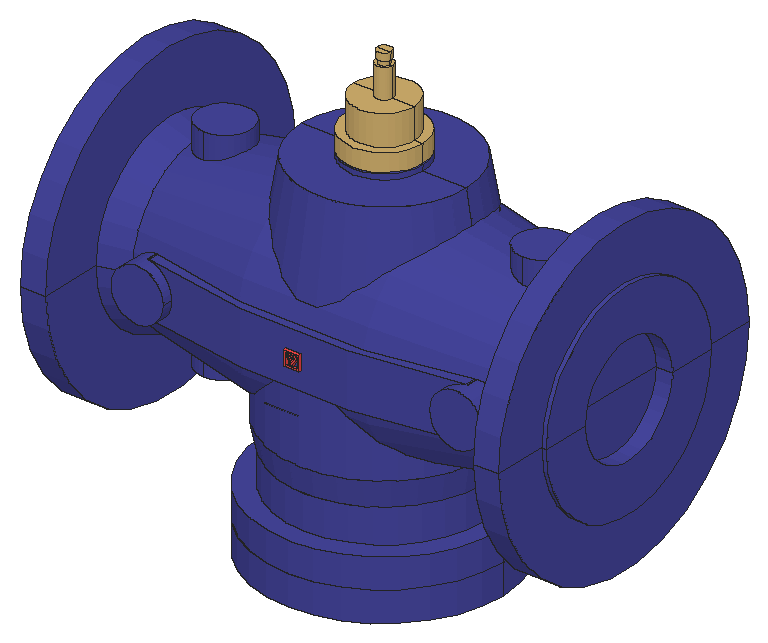
Revit family "Regelventil 4035_PN25", category Rohrzubehör, Revit 2021
Family settings
  Bemaßung runder Anschluss = Durchmesser verwenden
  Teiletyp = Unterbricht
  OmniClass-Nummer = 23.65.55.14
  OmniClass-Titel = Valves for Liquid Services
  Arbeitsebenenbasiert = Nein
  Immer vertikal = Ja
  Beim Laden mit Abzugskörper schneiden = Nein
  Gemeinsam genutzt = Nein
Parameters (values of type "kvs63")
  kvs63 = yes
  kvs6.3 = no
  kvs40 = no
  kvs4 = no
  kvs330 = no
  kvs250 = no
  kvs25 = no
  kvs2.5 = no
  kvs160 = no
  kvs16 = no
  kvs100 = no
  kvs10 = no
  kvs1.6 = no
  kvs1 = no
  Vorgabe-Ansicht = 0 mm
  Ventilsitz = "WN1.4021"  # constant formula
  Ventilkegel (bis DN50) = "WN1.4021"  # constant formula
  Ventilkegel (ab DN65) = "EN-GJL-250/WN1.4021"  # constant formula
  Ventilcharakteristik = "gleichprozentig"  # constant formula
  URL = "www.herz-armaturen.at"
  Spindel = "WN1.4404"  # constant formula
  SCTWSEQ = "FW;SBT_TYP_FW=\"101\";2"
  SCTWCODE = "04;05;02"  # constant formula
  SCRNSEQ = "ARM;ARM_TYP=\"DURR\";2"
  SCRNCODE = "05;06;02"  # constant formula
  R14 = 4 mm  # constant formula
  R13 = 3 mm  # constant formula
  R12 = 5 mm  # constant formula
  R11 [instance] = size_lookup("4035_PN25", "R11", 18 mm, Nennweite)  # 18 mm
  R10 [instance] = size_lookup("4035_PN25", "R10", 23 mm, Nennweite)  # 23 mm
  R09 [instance] = size_lookup("4035_PN25", "R9", 49 mm, Nennweite)  # 49 mm
  R08 [instance] = R00 + 3 mm  # 68 mm
  R07 [instance] = size_lookup("4035_PN25", "R7", 15.5 mm, Nennweite)  # 15.5 mm
  R06 [instance] = size_lookup("4035_PN25", "R6", 15.5 mm, Nennweite)  # 15.5 mm
  R05 [instance] = size_lookup("4035_PN25", "R5", 62.5 mm, Nennweite)  # 62.5 mm
  R04 [instance] = size_lookup("4035_PN25", "R4", 59.5 mm, Nennweite)  # 59.5 mm
  R03 [instance] = size_lookup("4035_PN25", "R3", 43 mm, Nennweite)  # 71 mm
  R02 [instance] = size_lookup("4035_PN25", "R2", 43 mm, Nennweite)  # 43 mm
  R01 [instance] = size_lookup("4035_PN25", "R1", 55.5 mm, Nennweite)  # 55.5 mm
  R00 [instance] = size_lookup("4035_PN25", "R", 65 mm, Nennweite)  # 65 mm
  PN = 25  # constant formula
  Nennweite [instance] = 65 mm
  Min. Betriebstemperatur = 5 °C  # constant formula
  Medium = "Wasserbeschaffenheit gemäß ÖNORM H 5195 und VDI 2035."
  Max. Betriebstemperatur = 150 °C  # constant formula
  Max. Betriebsdruck = 2500000.0 Pa  # constant formula
  LO1 [instance] = size_lookup("4035_PN25", "LO1", 28.5 mm, Nennweite)  # 68 mm
  L07 [instance] = L06 - R06  # 94.5 mm
  L06 [instance] = size_lookup("4035_PN25", "L6", 110 mm, Nennweite)  # 110 mm
  L05 [instance] = D00  # 92.5 mm
  L03 = 10 mm  # constant formula
  L02 [instance] = size_lookup("4035_PN25", "L2", 15 mm, Nennweite)  # 15 mm
  L01 = 3 mm  # constant formula
  L00 [instance] = size_lookup("4035_PN25", "L", 145 mm, Nennweite)  # 145 mm
  Hersteller = "Herz-Armaturen GmbH"  # constant formula
  H18 [instance] = 17.5 mm  # constant formula
  H15 = 4 mm  # constant formula
  H14 [instance] = size_lookup("4035_PN25", "H14", 17 mm, Nennweite)  # 17 mm
  H13 [instance] = size_lookup("4035_PN25", "H13", 18 mm, Nennweite)  # 18 mm
  H12 [instance] = size_lookup("4035_PN25", "H12", 10.5 mm, Nennweite)  # 10.5 mm
  H11 [instance] = size_lookup("4035_PN25", "H11", 52.5 mm, Nennweite)  # 52.5 mm
  H10 [instance] = size_lookup("4035_PN25", "H10", 135.4 mm, Nennweite)  # 135.4 mm
  H09 = 3 mm  # constant formula
  H08 [instance] = size_lookup("4035_PN25", "H8", 79 mm, Nennweite)  # 79 mm
  H07 [instance] = R00  # 65 mm
  H06 [instance] = size_lookup("4035_PN25", "H6", 59 mm, Nennweite)  # 59 mm
  H05 [instance] = size_lookup("4035_PN25", "H5", 20 mm, Nennweite)  # 20 mm
  H04 [instance] = size_lookup("4035_PN25", "H4", 17 mm, Nennweite)  # 17 mm
  H02 [instance] = size_lookup("4035_PN25", "H2", 38 mm, Nennweite)  # 38 mm
  H03 [instance] = size_lookup("4035_PN25", "H3", 112 mm, Nennweite)  # 112 mm
  H01 [instance] = size_lookup("4035_PN25", "H1", 14 mm, Nennweite)  # 18 mm
  Gewicht [instance] = size_lookup("4035_PN25", "Gewicht", 25, Nennweite)  # 25
  Gehäuse = "EN-GJS-400-18-LT (EN 1563)"  # constant formula
  Dichtungsmaterial = "70EPDM"  # constant formula
  DN80 [instance] = Nennweite = 80 mm  # no
  DN65 [instance] = Nennweite = 65 mm  # yes
  DN50 [instance] = Nennweite = 50 mm  # no
  DN40 [instance] = Nennweite = 40 mm  # no
  DN32 [instance] = Nennweite = 32 mm  # no
  DN25 [instance] = Nennweite = 25 mm  # no
  DN150 [instance] = Nennweite = 150 mm  # no
  DN15 [instance] = Nennweite = 15 mm  # no
  DN125 [instance] = Nennweite = 125 mm  # no
  DN100 [instance] = Nennweite = 100 mm  # no
  D02 [instance] = Nennweite / 2  # 32.5 mm
  D01 [instance] = size_lookup("4035_PN25", "D1", 61 mm, Nennweite)  # 61 mm
  D00 [instance] = size_lookup("4035_PN25", "D", 92.5 mm, Nennweite)  # 92.5 mm
  Bestellnummer [instance] = if(and(kvs1, Nennweite = 15 mm), 403540, if(and(kvs1.6, Nennweite = 15 mm), 403551, if(and(kvs2.5, Nennweite = 15 mm), 403561, if(and(kvs4, Nennweite = 15 mm), 403571, if(and(kvs6.3, Nennweite = 25 mm), 403543, if(and(kvs10, Nennweite = 25 mm), 403553, if(and(kvs16, Nennweite = 32 mm), 403544, if(and(kvs25, Nennweite = 40 mm), 403545, if(and(kvs40, Nennweite = 50 mm), 403556, if(and(kvs63, Nennweite = 65 mm), 403547, if(and(kvs100, Nennweite = 80 mm), 403548, if(and(kvs160, Nennweite = 100 mm), 403549, if(and(kvs250, Nennweite = 125 mm), 403550, if(and(kvs330, Nennweite = 150 mm), 403542, 0))))))))))))))  # 403547
  Anwendungsgebiet = "Das Ventil kann in nahezu allen Heizungs-, Lüftungs- und Klimaanlagen sowie für industrielle und technologische\r\nProzesse eingesetzt werden. Das 3-Wege-Flanschventil ist als Mischventil konzipiert. Es kann zum Mischen oder\r\nzur Umschaltung zwischen zwei eintretenden Mediumsströmen verwendet werden. Die Ventilcharakteristik ist\r\ngleichprozentig. Das Regelungsverhältnis (Verhältnis zwischen nominalem und minimalem Durchfluss) beträgt 30:1. Die\r\nAuswahl des Dreiwege-Flanschventils erfolgt entsprechend dem Diagramm über die kvs-Werte."
  Anschlussflansch = "EN 1092-2"  # constant formula
Types (15, lengths in mm): name | kvs63 | kvs6.3 | kvs40 | kvs4 | kvs330 | kvs250 | kvs25 | kvs2.5 | kvs160 | kvs16 | kvs100 | kvs10 | kvs1.6 | kvs1 | R11 | R10 | R09 | R08 | R07 | R06 | R05 | R04 | R03 | R02 | R01 | R00 | Nennweite | LO1 | L07 | L06 | L05 | L02 | L00 | H14 | H13 | H12 | H11 | H10 | H08 | H07 | H06 | H05 | H04 | H02 | H03 | H01 | Gewicht | DN80 | DN65 | DN50 | DN40 | DN32 | DN25 | DN150 | DN15 | DN125 | DN100 | D02 | D01 | D00 | Bestellnummer | Anwendungsgebiet
  (no name) | yes | no | no | no | no | no | no | no | no | no | no | no | no | no | 18 | 23 | 49 | 68 | 15.5 | 15.5 | 62.5 | 59.5 | 71 | 43 | 55.5 | 65 | 65 | 68 | 94.5 | 110 | 92.5 | 15 | 145 | 17 | 18 | 10.5 | 52.5 | 135.4 | 79 | 65 | 59 | 20 | 17 | 38 | 112 | 18 | 25 | no | yes | no | no | no | no | no | no | no | no | 32.5 | 61 | 92.5 | 403547 | "Das Ventil kann in nahezu allen Heizungs-, Lüftungs- und Klimaanlagen sowie für industrielle und technologische\r\nProzesse eingesetzt werden. Das 3-Wege-Flanschventil ist als Mischventil konzipiert. Es kann zum Mischen oder\r\nzur Umschaltung zwischen zwei eintretenden Mediumsströmen verwendet werden. Die Ventilcharakteristik ist\r\ngleichprozentig. Das Regelungsverhältnis (Verhältnis zwischen nominalem und minimalem Durchfluss) beträgt 30:1. Die\r\nAuswahl des Dreiwege-Flanschventils erfolgt entsprechend dem Diagramm über die kvs-Werte."
  kvs1 | no | no | no | no | no | no | no | no | no | no | no | no | no | yes | 10 | 15 | 19.5 | 29.5 | 6 | 6 | 24 | 21 | 32.5 | 14 | 17 | 26.5 | 15 | 27.5 | 34 | 40 | 47.5 | 11 | 65 | 13 | 14 | 6.8 | 40.8 | 80.3 | 36.5 | 26.5 | 24.5 | 5 | 13 | 11 | 49 | 14 | 5 | no | no | no | no | no | no | no | yes | no | no | 7.5 | 22.5 | 47.5 | 403540 | "Das Ventil kann in nahezu allen Heizungs-, Lüftungs- und Klimaanlagen sowie für industrielle und technologische\r\nProzesse eingesetzt werden. Das 3-Wege-Flanschventil ist als Mischventil konzipiert. Es kann zum Mischen oder\r\nzur Umschaltung zwischen zwei eintretenden Mediumsströmen verwendet werden. Die Ventilcharakteristik ist\r\ngleichprozentig. Das Regelungsverhältnis (Verhältnis zwischen nominalem und minimalem Durchfluss) beträgt 30:1. Die\r\nAuswahl des Dreiwege-Flanschventils erfolgt entsprechend dem Diagramm über die kvs-Werte."
  kvs1.6 | no | no | no | no | no | no | no | no | no | no | no | no | yes | no | 10 | 15 | 19.5 | 29.5 | 6 | 6 | 24 | 21 | 32.5 | 14 | 17 | 26.5 | 15 | 27.5 | 34 | 40 | 47.5 | 11 | 65 | 13 | 14 | 6.8 | 40.8 | 80.3 | 36.5 | 26.5 | 24.5 | 5 | 13 | 11 | 49 | 14 | 5 | no | no | no | no | no | no | no | yes | no | no | 7.5 | 22.5 | 47.5 | 403551 | "Das Ventil kann in nahezu allen Heizungs-, Lüftungs- und Klimaanlagen sowie für industrielle und technologische\r\nProzesse eingesetzt werden. Das 3-Wege-Flanschventil ist als Mischventil konzipiert. Es kann zum Mischen oder\r\nzur Umschaltung zwischen zwei eintretenden Mediumsströmen verwendet werden. Die Ventilcharakteristik ist\r\ngleichprozentig. Das Regelungsverhältnis (Verhältnis zwischen nominalem und minimalem Durchfluss) beträgt 30:1. Die\r\nAuswahl des Dreiwege-Flanschventils erfolgt entsprechend dem Diagramm über die kvs-Werte."
  kvs2.5 | no | no | no | no | no | no | no | yes | no | no | no | no | no | no | 10 | 15 | 19.5 | 29.5 | 6 | 6 | 24 | 21 | 32.5 | 14 | 17 | 26.5 | 15 | 27.5 | 34 | 40 | 47.5 | 11 | 65 | 13 | 14 | 6.8 | 40.8 | 80.3 | 36.5 | 26.5 | 24.5 | 5 | 13 | 11 | 49 | 14 | 5 | no | no | no | no | no | no | no | yes | no | no | 7.5 | 22.5 | 47.5 | 403561 | "Das Ventil kann in nahezu allen Heizungs-, Lüftungs- und Klimaanlagen sowie für industrielle und technologische\r\nProzesse eingesetzt werden. Das 3-Wege-Flanschventil ist als Mischventil konzipiert. Es kann zum Mischen oder\r\nzur Umschaltung zwischen zwei eintretenden Mediumsströmen verwendet werden. Die Ventilcharakteristik ist\r\ngleichprozentig. Das Regelungsverhältnis (Verhältnis zwischen nominalem und minimalem Durchfluss) beträgt 30:1. Die\r\nAuswahl des Dreiwege-Flanschventils erfolgt entsprechend dem Diagramm über die kvs-Werte."
  kvs4 | no | no | no | yes | no | no | no | no | no | no | no | no | no | no | 10 | 15 | 19.5 | 29.5 | 6 | 6 | 24 | 21 | 32.5 | 14 | 17 | 26.5 | 15 | 27.5 | 34 | 40 | 47.5 | 11 | 65 | 13 | 14 | 6.8 | 40.8 | 80.3 | 36.5 | 26.5 | 24.5 | 5 | 13 | 11 | 49 | 14 | 5 | no | no | no | no | no | no | no | yes | no | no | 7.5 | 22.5 | 47.5 | 403571 | "Das Ventil kann in nahezu allen Heizungs-, Lüftungs- und Klimaanlagen sowie für industrielle und technologische\r\nProzesse eingesetzt werden. Das 3-Wege-Flanschventil ist als Mischventil konzipiert. Es kann zum Mischen oder\r\nzur Umschaltung zwischen zwei eintretenden Mediumsströmen verwendet werden. Die Ventilcharakteristik ist\r\ngleichprozentig. Das Regelungsverhältnis (Verhältnis zwischen nominalem und minimalem Durchfluss) beträgt 30:1. Die\r\nAuswahl des Dreiwege-Flanschventils erfolgt entsprechend dem Diagramm über die kvs-Werte."
  kvs6.3 | no | yes | no | no | no | no | no | no | no | no | no | no | no | no | 10 | 15 | 19.5 | 41 | 7 | 7 | 35.5 | 32.5 | 44 | 19.5 | 28.5 | 38 | 25 | 40 | 45 | 52 | 57.5 | 13 | 80 | 13 | 14 | 6.8 | 40.8 | 88.3 | 44.5 | 38 | 35 | 5 | 15 | 3 | 64 | 16 | 8 | no | no | no | no | no | yes | no | no | no | no | 12.5 | 34 | 57.5 | 403543 | "Das Ventil kann in nahezu allen Heizungs-, Lüftungs- und Klimaanlagen sowie für industrielle und technologische\r\nProzesse eingesetzt werden. Das 3-Wege-Flanschventil ist als Mischventil konzipiert. Es kann zum Mischen oder\r\nzur Umschaltung zwischen zwei eintretenden Mediumsströmen verwendet werden. Die Ventilcharakteristik ist\r\ngleichprozentig. Das Regelungsverhältnis (Verhältnis zwischen nominalem und minimalem Durchfluss) beträgt 30:1. Die\r\nAuswahl des Dreiwege-Flanschventils erfolgt entsprechend dem Diagramm über die kvs-Werte."
  kvs10 | no | no | no | no | no | no | no | no | no | no | no | yes | no | no | 10 | 15 | 19.5 | 41 | 7 | 7 | 35.5 | 32.5 | 44 | 19.5 | 28.5 | 38 | 25 | 40 | 45 | 52 | 57.5 | 13 | 80 | 13 | 14 | 6.8 | 40.8 | 88.3 | 44.5 | 38 | 35 | 5 | 15 | 3 | 64 | 16 | 8 | no | no | no | no | no | yes | no | no | no | no | 12.5 | 34 | 57.5 | 403553 | "Das Ventil kann in nahezu allen Heizungs-, Lüftungs- und Klimaanlagen sowie für industrielle und technologische\r\nProzesse eingesetzt werden. Das 3-Wege-Flanschventil ist als Mischventil konzipiert. Es kann zum Mischen oder\r\nzur Umschaltung zwischen zwei eintretenden Mediumsströmen verwendet werden. Die Ventilcharakteristik ist\r\ngleichprozentig. Das Regelungsverhältnis (Verhältnis zwischen nominalem und minimalem Durchfluss) beträgt 30:1. Die\r\nAuswahl des Dreiwege-Flanschventils erfolgt entsprechend dem Diagramm über die kvs-Werte."
  kvs16 | no | no | no | no | no | no | no | no | no | yes | no | no | no | no | 10 | 15 | 20.5 | 46 | 9 | 9 | 40.5 | 37.5 | 49 | 24.5 | 33.5 | 43 | 32 | 45 | 51 | 60 | 70 | 13 | 90 | 17 | 18 | 10.5 | 52.5 | 102 | 46.5 | 43 | 39 | 15 | 15 | 4 | 84 | 16 | 11.5 | no | no | no | no | yes | no | no | no | no | no | 16 | 39 | 70 | 403544 | "Das Ventil kann in nahezu allen Heizungs-, Lüftungs- und Klimaanlagen sowie für industrielle und technologische\r\nProzesse eingesetzt werden. Das 3-Wege-Flanschventil ist als Mischventil konzipiert. Es kann zum Mischen oder\r\nzur Umschaltung zwischen zwei eintretenden Mediumsströmen verwendet werden. Die Ventilcharakteristik ist\r\ngleichprozentig. Das Regelungsverhältnis (Verhältnis zwischen nominalem und minimalem Durchfluss) beträgt 30:1. Die\r\nAuswahl des Dreiwege-Flanschventils erfolgt entsprechend dem Diagramm über die kvs-Werte."
  kvs25 | no | no | no | no | no | no | yes | no | no | no | no | no | no | no | 10 | 15 | 20.5 | 51 | 12 | 12 | 45.5 | 42.5 | 54 | 29 | 38.5 | 48 | 40 | 50 | 56 | 68 | 75 | 13 | 100 | 17 | 18 | 10.5 | 52.5 | 112 | 56.5 | 48 | 43 | 20 | 15 | 1 | 94 | 16 | 13 | no | no | no | yes | no | no | no | no | no | no | 20 | 44 | 75 | 403545 | "Das Ventil kann in nahezu allen Heizungs-, Lüftungs- und Klimaanlagen sowie für industrielle und technologische\r\nProzesse eingesetzt werden. Das 3-Wege-Flanschventil ist als Mischventil konzipiert. Es kann zum Mischen oder\r\nzur Umschaltung zwischen zwei eintretenden Mediumsströmen verwendet werden. Die Ventilcharakteristik ist\r\ngleichprozentig. Das Regelungsverhältnis (Verhältnis zwischen nominalem und minimalem Durchfluss) beträgt 30:1. Die\r\nAuswahl des Dreiwege-Flanschventils erfolgt entsprechend dem Diagramm über die kvs-Werte."
  kvs63 | yes | no | no | no | no | no | no | no | no | no | no | no | no | no | 18 | 23 | 49 | 68 | 15.5 | 15.5 | 62.5 | 59.5 | 71 | 43 | 55.5 | 65 | 65 | 68 | 94.5 | 110 | 92.5 | 15 | 145 | 17 | 18 | 10.5 | 52.5 | 135.4 | 79 | 65 | 59 | 20 | 17 | 38 | 112 | 18 | 25 | no | yes | no | no | no | no | no | no | no | no | 32.5 | 61 | 92.5 | 403547 | "Das Ventil kann in nahezu allen Heizungs-, Lüftungs- und Klimaanlagen sowie für industrielle und technologische\r\nProzesse eingesetzt werden. Das 3-Wege-Flanschventil ist als Mischventil konzipiert. Es kann zum Mischen oder\r\nzur Umschaltung zwischen zwei eintretenden Mediumsströmen verwendet werden. Die Ventilcharakteristik ist\r\ngleichprozentig. Das Regelungsverhältnis (Verhältnis zwischen nominalem und minimalem Durchfluss) beträgt 30:1. Die\r\nAuswahl des Dreiwege-Flanschventils erfolgt entsprechend dem Diagramm über die kvs-Werte."
  kvs100 | no | no | no | no | no | no | no | no | no | no | yes | no | no | no | 18 | 23 | 49 | 76 | 15.5 | 15.5 | 70.5 | 67.5 | 79 | 51 | 63.5 | 73 | 80 | 77 | 99.5 | 115 | 100 | 17 | 155 | 17 | 18 | 10.5 | 52.5 | 168.5 | 113 | 73 | 65 | 20 | 19 | 46 | 125 | 20 | 31 | yes | no | no | no | no | no | no | no | no | no | 40 | 69 | 100 | 403548 | "Das Ventil kann in nahezu allen Heizungs-, Lüftungs- und Klimaanlagen sowie für industrielle und technologische\r\nProzesse eingesetzt werden. Das 3-Wege-Flanschventil ist als Mischventil konzipiert. Es kann zum Mischen oder\r\nzur Umschaltung zwischen zwei eintretenden Mediumsströmen verwendet werden. Die Ventilcharakteristik ist\r\ngleichprozentig. Das Regelungsverhältnis (Verhältnis zwischen nominalem und minimalem Durchfluss) beträgt 30:1. Die\r\nAuswahl des Dreiwege-Flanschventils erfolgt entsprechend dem Diagramm über die kvs-Werte."
  kvs160 | no | no | no | no | no | no | no | no | yes | no | no | no | no | no | 30 | 35 | 61 | 86 | 20.5 | 20.5 | 80.5 | 77.5 | 89 | 61 | 73.5 | 83 | 100 | 88 | 112.5 | 133 | 110 | 17 | 175 | 21 | 22 | 14.2 | 64.2 | 189.7 | 122.5 | 83 | 73 | 25 | 19 | 65 | 135 | 20 | 46 | no | no | no | no | no | no | no | no | no | yes | 50 | 79 | 110 | 403549 | "Das Ventil kann in nahezu allen Heizungs-, Lüftungs- und Klimaanlagen sowie für industrielle und technologische\r\nProzesse eingesetzt werden. Das 3-Wege-Flanschventil ist als Mischventil konzipiert. Es kann zum Mischen oder\r\nzur Umschaltung zwischen zwei eintretenden Mediumsströmen verwendet werden. Die Ventilcharakteristik ist\r\ngleichprozentig. Das Regelungsverhältnis (Verhältnis zwischen nominalem und minimalem Durchfluss) beträgt 30:1. Die\r\nAuswahl des Dreiwege-Flanschventils erfolgt entsprechend dem Diagramm über die kvs-Werte."
  kvs250 | no | no | no | no | no | yes | no | no | no | no | no | no | no | no | 30 | 35 | 61 | 101 | 20.5 | 20.5 | 95.5 | 92.5 | 104 | 76 | 88.5 | 98 | 125 | 103 | 134.5 | 155 | 125 | 19 | 200 | 21 | 22 | 14.2 | 64.2 | 231 | 163.5 | 98 | 80 | 30 | 21 | 44 | 158 | 21 | 72 | no | no | no | no | no | no | no | no | yes | no | 62.5 | 94 | 125 | 403550 | "Das Ventil kann in nahezu allen Heizungs-, Lüftungs- und Klimaanlagen sowie für industrielle und technologische\r\nProzesse eingesetzt werden. Das 3-Wege-Flanschventil ist als Mischventil konzipiert. Es kann zum Mischen oder\r\nzur Umschaltung zwischen zwei eintretenden Mediumsströmen verwendet werden. Die Ventilcharakteristik ist\r\ngleichprozentig. Das Regelungsverhältnis (Verhältnis zwischen nominalem und minimalem Durchfluss) beträgt 30:1. Die\r\nAuswahl des Dreiwege-Flanschventils erfolgt entsprechend dem Diagramm über die kvs-Werte."
  kvs330 | no | no | no | no | yes | no | no | no | no | no | no | no | no | no | 30 | 35 | 61 | 113 | 20.5 | 20.5 | 107.5 | 104.5 | 116 | 88 | 100.5 | 110 | 150 | 115 | 174.5 | 195 | 142.5 | 19 | 240 | 21 | 22 | 14.2 | 64.2 | 237.5 | 170 | 110 | 85 | 25 | 21 | 42 | 153 | 21 | 91 | no | no | no | no | no | no | yes | no | no | no | 75 | 106 | 142.5 | 403542 | "Das Ventil kann in nahezu allen Heizungs-, Lüftungs- und Klimaanlagen sowie in industriellen und technologischen\r\nProzessen eingesetzt werden. Die Ventilcharakteristik ist gleichprozentig. Das Regelungsverhältnis (Verhältnis\r\nzwischen nominalem und minimalem Durchfluss) beträgt 30:1. Die Auswahl des 2-Wege-Flanschventils erfolgt mittels\r\nentsprechendem Diagramm über die kvs-Werte."
  kvs40 | no | no | yes | no | no | no | no | no | no | no | no | no | no | no | 18 | 23 | 49 | 56 | 13.5 | 13.5 | 52.5 | 49.5 | 61 | 34 | 45.5 | 53 | 50 | 56 | 66.5 | 80 | 82.5 | 15 | 115 | 17 | 18 | 10.5 | 52.5 | 122 | 66.5 | 53 | 43 | 1 | 15 | 42 | 67 | 18 | 16 | no | no | yes | no | no | no | no | no | no | no | 25 | 51 | 82.5 | 403556 | "Das Ventil kann in nahezu allen Heizungs-, Lüftungs- und Klimaanlagen sowie für industrielle und technologische\r\nProzesse eingesetzt werden. Das 3-Wege-Flanschventil ist als Mischventil konzipiert. Es kann zum Mischen oder\r\nzur Umschaltung zwischen zwei eintretenden Mediumsströmen verwendet werden. Die Ventilcharakteristik ist\r\ngleichprozentig. Das Regelungsverhältnis (Verhältnis zwischen nominalem und minimalem Durchfluss) beträgt 30:1. Die\r\nAuswahl des Dreiwege-Flanschventils erfolgt entsprechend dem Diagramm über die kvs-Werte."
Reference planes
  plane 1 "Mitte (Vorne/hinten)": y = 0
  plane 2: z = 0
  plane 3 "Mitte (Links/rechts)": x = 0
Forms (mm)
  Revolve 1, solid, material "kunststoff-BLAU", detail levels fine
    sketch origin (1065, 0, 0) x (1, 0, 0) y (0, 1, 0)
      loop
        line (-1207, 61) -> (-1210, 61) -> (-1210, 32.5) -> (-1200, 32.5) -> (-1200, 0) -> (-930, 0) -> (-930, 32.5) -> (-920, 32.5) -> (-920, 61) -> (-923, 61) -> (-923, 92.5) -> (-938, 92.5) -> (-938, 55.5) -> (-955, 49.943)
        arc (-955, 49.943) -> (-1065, 65) -> (-1175, 49.943) r 409.331
        line (-1175, 49.943) -> (-1192, 55.5) -> (-1192, 92.5) -> (-1207, 92.5) -> (-1207, 61)
      axis (-920, 0) -> (-1210, 0)
    angle from 0 to 360
  Extrusion 2, solid, material "kunststoff-BLAU", detail levels fine
    sketch origin (0, 0, 0) x (-1, 0, 0) y (0, 0, -1)
      loop
        circle (94.5, 0) r 15.5
      loop
        circle (-94.5, 0) r 15.5
    from -65 to 65
  Extrusion 3, solid, material "kunststoff-BLAU", visible <- "DN65", detail levels fine
    sketch origin (0, 0, 0) x (1, 0, 0) y (0, 1, 0)
      loop
        arc (-95, -56.907) -> (0, -68) -> (95, -56.907) r 412.331
        line (95, -56.907) -> (95, 56.907)
        arc (95, 56.907) -> (0, 68) -> (-95, 56.907) r 412.331
        line (-95, 56.907) -> (-95, -56.907)
    from -15.5 to 15.5
  Revolve 4, solid, material "kunststoff-BLAU", detail levels fine
    sketch origin (0, 0, 0) x (1, 0, 0) y (0, 0, 1)
      loop
        line (-49, 79) -> (-62.5, 0) -> (0, 0) -> (0, 82) -> (-23, 82) -> (-23, 79) -> (-49, 79)
      axis (0, 82) -> (0, 0)
    angle from 0 to 360
  Revolve 5, solid, material "kunststoff-BLAU", detail levels fine
    sketch origin (0, 0, 0) x (1, 0, 0) y (0, 0, 1)
      loop
        line (0, 0) -> (-62.5, 0) -> (-62.5, -59) -> (-59.5, -74.5) -> (-59.5, -94.5) -> (-71, -94.5) -> (-71, -112) -> (0, -112) -> (0, 0)
      axis (0, 0) -> (0, -112)
    angle from 0 to 360
  Revolve 6, solid, material "kunststoff-BLAU", detail levels fine
    sketch origin (0, 0, 0) x (1, 0, 0) y (0, 0, 1)
      loop
        line (0, -112) -> (-71, -112) -> (-71, -130) -> (0, -130) -> (0, -112)
      axis (0, -112) -> (0, -130)
    angle from 0 to 360
  Extrusion 7, solid, material "kunststoff-BLAU", detail levels fine
    sketch origin (0, 0, 0) x (0, -1, 0) y (1, 0, 0)
      loop
        circle (0, -94.5) r 15.5
      loop
        circle (0, 94.5) r 15.5
    from -65 to 65
  Extrusion 8, solid, material "kunststoff-BLAU", visible <- "DN150", detail levels fine
    sketch origin (0, 0, 0) x (1, 0, 0) y (0, 1, 0)
      loop
        arc (-179.5, -78.475) -> (0, -115) -> (179.5, -78.475) r 459.331
        line (179.5, -78.475) -> (179.5, 78.475)
        arc (179.5, 78.475) -> (0, 115) -> (-179.5, 78.475) r 459.331
        line (-179.5, 78.475) -> (-179.5, -78.475)
    from -20.5 to 20.5
  Extrusion 9, solid, material "kunststoff-BLAU", visible <- "DN125", detail levels fine
    sketch origin (0, 0, 0) x (1, 0, 0) y (0, 1, 0)
      loop
        arc (-134.5, -82.301) -> (0, -103) -> (134.5, -82.301) r 447.331
        line (134.5, -82.301) -> (134.5, 82.301)
        arc (134.5, 82.301) -> (0, 103) -> (-134.5, 82.301) r 447.331
        line (-134.5, 82.301) -> (-134.5, -82.301)
    from -20.5 to 20.5
  Extrusion 10, solid, material "kunststoff-BLAU", visible <- "DN100", detail levels fine
    sketch origin (0, 0, 0) x (1, 0, 0) y (0, 1, 0)
      loop
        arc (-112.5, -73.106) -> (0, -88) -> (112.5, -73.106) r 432.331
        line (112.5, -73.106) -> (112.5, 73.106)
        arc (112.5, 73.106) -> (0, 88) -> (-112.5, 73.106) r 432.331
        line (-112.5, 73.106) -> (-112.5, -73.106)
    from -20.5 to 20.5
  Extrusion 11, solid, material "kunststoff-BLAU", visible <- "DN80", detail levels fine
    sketch origin (0, 0, 0) x (1, 0, 0) y (0, 1, 0)
      loop
        line (99.5, -65.083) -> (99.5, 65.083)
        arc (99.5, 65.083) -> (0, 77) -> (-99.5, 65.083) r 421.331
        line (-99.5, 65.083) -> (-99.5, -65.083)
        arc (-99.5, -65.083) -> (0, -77) -> (99.5, -65.083) r 421.331
    from -15.5 to 15.5
  Extrusion 12, solid, material "kunststoff-BLAU", visible <- "DN50", detail levels fine
    sketch origin (0, 0, 0) x (1, 0, 0) y (0, 1, 0)
      loop
        arc (-66.5, -50.44) -> (0, -56.006) -> (66.5, -50.44) r 400.05
        line (66.5, -50.44) -> (66.5, 50.44)
        arc (66.5, 50.44) -> (0, 56.006) -> (-66.5, 50.44) r 400.05
        line (-66.5, 50.44) -> (-66.5, -50.44)
    from -13.5 to 13.5
  Extrusion 13, solid, material "kunststoff-BLAU", visible <- "DN40", detail levels fine
    sketch origin (0, 0, 0) x (1, 0, 0) y (0, 1, 0)
      loop
        arc (-56, -46.003) -> (0, -50) -> (56, -46.003) r 394.331
        line (56, -46.003) -> (56, 46.003)
        arc (56, 46.003) -> (0, 50) -> (-56, 46.003) r 394.331
        line (-56, 46.003) -> (-56, -46.003)
    from -12 to 12
  Extrusion 14, solid, material "kunststoff-BLAU", visible <- "DN32", detail levels fine
    sketch origin (0, 0, 0) x (1, 0, 0) y (0, 1, 0)
      loop
        arc (-51, -41.645) -> (0, -45) -> (51, -41.645) r 389.331
        line (51, -41.645) -> (51, 41.645)
        arc (51, 41.645) -> (0, 45) -> (-51, 41.645) r 389.331
        line (-51, 41.645) -> (-51, -41.645)
    from -9 to 9
  Extrusion 15, solid, material "kunststoff-BLAU", visible <- "DN25", detail levels fine
    sketch origin (0, 0, 0) x (1, 0, 0) y (0, 1, 0)
      loop
        line (45, -37.356) -> (45, 37.356)
        arc (45, 37.356) -> (0, 40) -> (-45, 37.356) r 384.331
        line (-45, 37.356) -> (-45, -37.356)
        arc (-45, -37.356) -> (0, -40) -> (45, -37.356) r 384.331
    from -7 to 7
  Extrusion 16, solid, material "kunststoff-BLAU", visible <- "DN15", detail levels fine
    sketch origin (0, 0, 0) x (1, 0, 0) y (0, 1, 0)
      loop
        line (-34, 25.942) -> (-34, -25.942)
        arc (-34, -25.942) -> (0, -27.5) -> (34, -25.942) r 371.831
        line (34, -25.942) -> (34, 25.942)
        arc (34, 25.942) -> (0, 27.5) -> (-34, 25.942) r 371.831
    from -6 to 6
  Revolve 17, solid, material "Messing-poliert", detail levels fine
    sketch origin (0, 0, 0) x (1, 0, 0) y (0, 0, 1)
      loop
        line (-23, 93.4) -> (-23, 82.9) -> (0, 82.9) -> (0, 135.4) -> (-4, 135.4) -> (-4, 131.4) -> (-3, 131.4) -> (-3, 128.4) -> (-5, 128.4) -> (-5, 111.4) -> (-18, 111.4) -> (-18, 93.4) -> (-23, 93.4)
      axis (0, 135.4) -> (0, 82.9)
    angle from 0 to 360
Lines and regions (mm)
  model lines, detail levels coarse+medium
    curve 1: line (145, 92.5, 0) -> (145, -92.5, 0)
    curve 2: line (145, -92.5, 0) -> (-145, 92.5, 0)
    curve 3: line (-145, 92.5, 0) -> (-145, -92.5, 0)
    curve 4: line (-145, -92.5, 0) -> (145, 92.5, 0)
    curve 5: line (145, 0, 92.5) -> (145, 0, -92.5)
    curve 6: line (145, 0, -92.5) -> (-145, 0, 92.5)
    curve 7: line (-145, 0, 92.5) -> (-145, 0, -92.5)
    curve 8: line (-145, 0, -92.5) -> (145, 0, 92.5)
Dimensions and locks
  "L00": Revolve 1 sketch curve to plane 3 "Mitte (Links/rechts)" to Revolve 1 sketch curve
  "D00": plane 1 "Mitte (Vorne/hinten)" to Revolve 1 sketch curve  (x2)
  "D02": plane 1 "Mitte (Vorne/hinten)" to Revolve 1 sketch curve  (x2)
  "L01": Revolve 1 sketch curve to Revolve 1 sketch curve  (x2)
  "L02": Revolve 1 sketch curve to Revolve 1 sketch curve  (x2)
  "D01": plane 1 "Mitte (Vorne/hinten)" to Revolve 1 sketch curve  (x2)
  "R01": plane 1 "Mitte (Vorne/hinten)" to Revolve 1 sketch curve  (x2)
  "R00": Revolve 1 sketch curve to Revolve 1 sketch curve
  "L03": Revolve 1 sketch curve to Revolve 1 sketch curve  (x2)
  "H01": Revolve 6 sketch curve to Revolve 6 sketch curve
  "R03": plane 3 "Mitte (Links/rechts)" to Revolve 6 sketch curve
  "R03": Revolve 5 sketch curve to Revolve 5 sketch curve
  "H03": plane 2 to Revolve 5 sketch curve
  "H06": Revolve 5 sketch curve to Revolve 5 sketch curve
  "R04": Revolve 5 sketch curve to Revolve 5 sketch curve
  "R05": Revolve 5 sketch curve to Revolve 5 sketch curve
  "H05": Revolve 5 sketch curve to Revolve 5 sketch curve
  "L06": Revolve 1 sketch curve to plane 3 "Mitte (Links/rechts)" to Revolve 1 sketch curve
  "H03": plane 2 to Revolve 6 sketch curve
  "R09": Revolve 4 sketch curve to Revolve 4 sketch curve
  "R05": Revolve 4 sketch curve to Revolve 4 sketch curve
  "H07": Extrusion 7 to plane 2 to Extrusion 7  (x2)
  "L07": plane 3 "Mitte (Links/rechts)" to Extrusion 7 sketch curve
  "L07": Extrusion 7 sketch curve to plane 3 "Mitte (Links/rechts)"
  "H07": Extrusion 2 to plane 1 "Mitte (Vorne/hinten)"  (x3)
  "L07": plane 3 "Mitte (Links/rechts)" to Extrusion 2 sketch curve
  "L07": Extrusion 2 sketch curve to plane 3 "Mitte (Links/rechts)"
  "H07": plane 1 "Mitte (Vorne/hinten)" to Extrusion 2
  "H08": Revolve 4 sketch curve to plane 2
  "H09": Revolve 4 sketch curve to Revolve 4 sketch curve
  "R10": plane 3 "Mitte (Links/rechts)" to Revolve 4 sketch curve
  "H11": Revolve 17 sketch curve to Revolve 17 sketch curve
  "H10": Revolve 17 sketch curve to plane 2
  "R10": plane 3 "Mitte (Links/rechts)" to Revolve 17 sketch curve
  "H12": Revolve 17 sketch curve to Revolve 17 sketch curve
  "H13": Revolve 17 sketch curve to Revolve 17 sketch curve
  "H14": Revolve 17 sketch curve to Revolve 17 sketch curve
  "H15": Revolve 17 sketch curve to Revolve 17 sketch curve
  "R14": plane 3 "Mitte (Links/rechts)" to Revolve 17 sketch curve
  "R13": plane 3 "Mitte (Links/rechts)" to Revolve 17 sketch curve
  "R11": plane 3 "Mitte (Links/rechts)" to Revolve 17 sketch curve
  "R12": plane 3 "Mitte (Links/rechts)" to Revolve 17 sketch curve
  "LO1": nested 1 to plane 1 "Mitte (Vorne/hinten)"
  "H18": Revolve 5 sketch curve to Revolve 6
  "L00": curve 3 to plane 3 "Mitte (Links/rechts)" to curve 1
  "D00": curve 4 to plane 1 "Mitte (Vorne/hinten)" to curve 3
  "D00": curve 2 to plane 1 "Mitte (Vorne/hinten)" to curve 4
  "L00": curve 7 to plane 3 "Mitte (Links/rechts)" to curve 5
  "D00": curve 8 to plane 2 to curve 6
  "D00": curve 7 to plane 2 to curve 8
  "R06": radius of Extrusion 7 sketch curve  (x2)
  "R07": radius of Extrusion 2 sketch curve  (x2)
  aligned and locked: level to plane 2
Automatic sketch dimensions
  Extrusion 3 sketch curve to plane 1 "Mitte (Vorne/hinten)" = 56.907 mm  (x2)
  Extrusion 3 sketch curve to plane 3 "Mitte (Links/rechts)" = 0 mm  (x2)
  Extrusion 3 sketch curve to Extrusion 3 sketch curve = 113.814 mm
  Extrusion 3 sketch curve to Extrusion 3 sketch curve = 287.425 mm
  Extrusion 3 sketch curve to plane 1 "Mitte (Vorne/hinten)" = 344.331 mm
  plane 3 "Mitte (Links/rechts)" to Extrusion 3 sketch curve = 95 mm
  Extrusion 8 sketch curve to plane 3 "Mitte (Links/rechts)" = 0 mm  (x2)
  Extrusion 8 sketch curve to plane 1 "Mitte (Vorne/hinten)" = 78.475 mm  (x2)
  plane 1 "Mitte (Vorne/hinten)" to Extrusion 8 sketch curve = 78.475 mm
  Extrusion 8 sketch curve to plane 3 "Mitte (Links/rechts)" = 179.5 mm
  Extrusion 8 sketch curve to Extrusion 8 sketch curve = 265.857 mm
  Extrusion 8 sketch curve to plane 1 "Mitte (Vorne/hinten)" = 344.331 mm
  plane 3 "Mitte (Links/rechts)" to Extrusion 9 sketch curve = 134.5 mm
  plane 1 "Mitte (Vorne/hinten)" to Extrusion 9 sketch curve = 82.301 mm  (x2)
  Extrusion 9 sketch curve to plane 3 "Mitte (Links/rechts)" = 0 mm  (x2)
  Extrusion 9 sketch curve to Extrusion 9 sketch curve = 262.031 mm  (x2)
  Extrusion 9 sketch curve to plane 1 "Mitte (Vorne/hinten)" = 82.301 mm
  Extrusion 10 sketch curve to plane 3 "Mitte (Links/rechts)" = 0 mm  (x2)
  plane 1 "Mitte (Vorne/hinten)" to Extrusion 10 sketch curve = 73.106 mm
  Extrusion 10 sketch curve to plane 3 "Mitte (Links/rechts)" = 112.5 mm
  Extrusion 10 sketch curve to Extrusion 10 sketch curve = 271.225 mm
  Extrusion 10 sketch curve to plane 1 "Mitte (Vorne/hinten)" = 344.331 mm
  Extrusion 10 sketch curve to plane 1 "Mitte (Vorne/hinten)" = 73.106 mm  (x2)
  Extrusion 11 sketch curve to plane 3 "Mitte (Links/rechts)" = 0 mm  (x2)
  plane 1 "Mitte (Vorne/hinten)" to Extrusion 11 sketch curve = 65.083 mm  (x2)
  Extrusion 11 sketch curve to plane 3 "Mitte (Links/rechts)" = 99.5 mm
  Extrusion 11 sketch curve to Extrusion 11 sketch curve = 279.249 mm
  Extrusion 11 sketch curve to plane 1 "Mitte (Vorne/hinten)" = 344.331 mm
  Extrusion 11 sketch curve to plane 1 "Mitte (Vorne/hinten)" = 65.083 mm
  Extrusion 12 sketch curve to plane 3 "Mitte (Links/rechts)" = 0 mm  (x2)
  Extrusion 12 sketch curve to plane 3 "Mitte (Links/rechts)" = 66.5 mm
  plane 3 "Mitte (Links/rechts)" to Extrusion 12 sketch curve = 66.5 mm
  plane 1 "Mitte (Vorne/hinten)" to Extrusion 12 sketch curve = 344.044 mm
  plane 1 "Mitte (Vorne/hinten)" to Extrusion 12 sketch curve = 50.44 mm
  Extrusion 12 sketch curve to plane 1 "Mitte (Vorne/hinten)" = 50.44 mm
  Extrusion 12 sketch curve to Extrusion 12 sketch curve = 293.604 mm
  Extrusion 13 sketch curve to plane 3 "Mitte (Links/rechts)" = 0 mm  (x2)
  Extrusion 13 sketch curve to plane 3 "Mitte (Links/rechts)" = 56 mm
  plane 3 "Mitte (Links/rechts)" to Extrusion 13 sketch curve = 56 mm
  plane 1 "Mitte (Vorne/hinten)" to Extrusion 13 sketch curve = 344.331 mm
  plane 1 "Mitte (Vorne/hinten)" to Extrusion 13 sketch curve = 46.003 mm
  Extrusion 13 sketch curve to plane 1 "Mitte (Vorne/hinten)" = 46.003 mm
  Extrusion 13 sketch curve to Extrusion 13 sketch curve = 298.328 mm
  Extrusion 14 sketch curve to plane 3 "Mitte (Links/rechts)" = 0 mm  (x2)
  Extrusion 14 sketch curve to plane 3 "Mitte (Links/rechts)" = 51 mm
  plane 3 "Mitte (Links/rechts)" to Extrusion 14 sketch curve = 51 mm
  plane 1 "Mitte (Vorne/hinten)" to Extrusion 14 sketch curve = 344.331 mm
  plane 1 "Mitte (Vorne/hinten)" to Extrusion 14 sketch curve = 41.645 mm
  Extrusion 14 sketch curve to plane 1 "Mitte (Vorne/hinten)" = 41.645 mm
  Extrusion 14 sketch curve to Extrusion 14 sketch curve = 302.686 mm
  Extrusion 15 sketch curve to plane 3 "Mitte (Links/rechts)" = 0 mm  (x2)
  Extrusion 15 sketch curve to plane 3 "Mitte (Links/rechts)" = 45 mm
  plane 3 "Mitte (Links/rechts)" to Extrusion 15 sketch curve = 45 mm
  plane 1 "Mitte (Vorne/hinten)" to Extrusion 15 sketch curve = 344.331 mm
  plane 1 "Mitte (Vorne/hinten)" to Extrusion 15 sketch curve = 37.356 mm
  Extrusion 15 sketch curve to plane 1 "Mitte (Vorne/hinten)" = 37.356 mm
  Extrusion 15 sketch curve to Extrusion 15 sketch curve = 306.975 mm
  Extrusion 16 sketch curve to plane 3 "Mitte (Links/rechts)" = 0 mm  (x2)
  Extrusion 16 sketch curve to plane 3 "Mitte (Links/rechts)" = 34 mm
  plane 3 "Mitte (Links/rechts)" to Extrusion 16 sketch curve = 34 mm
  plane 1 "Mitte (Vorne/hinten)" to Extrusion 16 sketch curve = 344.331 mm
  plane 1 "Mitte (Vorne/hinten)" to Extrusion 16 sketch curve = 25.942 mm
  Extrusion 16 sketch curve to plane 1 "Mitte (Vorne/hinten)" = 25.942 mm
  Extrusion 16 sketch curve to Extrusion 16 sketch curve = 318.389 mm
  Revolve 1 sketch curve to plane 1 "Mitte (Vorne/hinten)" = 0 mm
  Revolve 1 sketch curve to plane 3 "Mitte (Links/rechts)" = 0 mm
  plane 1 "Mitte (Vorne/hinten)" to Revolve 1 sketch curve = 0 mm
  plane 1 "Mitte (Vorne/hinten)" to Revolve 1 sketch curve = 344.331 mm
  Revolve 1 sketch curve to Revolve 1 sketch curve = 1855 mm  (x2)
  Extrusion 2 sketch curve to level = 0 mm  (x2)
  Revolve 4 sketch curve to level = 0 mm
  Revolve 4 sketch curve to plane 3 "Mitte (Links/rechts)" = 0 mm  (x2)
  Revolve 4 sketch curve to Revolve 4 sketch curve = 366.045 mm
  Revolve 4 sketch curve to Revolve 4 sketch curve = 2132.315 mm
  Revolve 5 sketch curve to level = 0 mm
  Revolve 5 sketch curve to plane 3 "Mitte (Links/rechts)" = 0 mm  (x2)
  Revolve 5 sketch curve to Revolve 5 sketch curve = 254.045 mm
  level to Revolve 5 sketch curve = 2214.315 mm
  Revolve 6 sketch curve to plane 3 "Mitte (Links/rechts)" = 0 mm  (x2)
  Revolve 6 sketch curve to Revolve 6 sketch curve = 0 mm
  level to Revolve 6 sketch curve = 2214.315 mm
  plane 1 "Mitte (Vorne/hinten)" to Extrusion 7 sketch curve = 0 mm  (x2)
  Revolve 17 sketch curve to plane 3 "Mitte (Links/rechts)" = 0 mm  (x2)
  Revolve 17 sketch curve to level = 366.045 mm
  Revolve 17 sketch curve to Revolve 17 sketch curve = 2079.815 mm
Nested families
  nested 1: "Herz-Logo-vorne" at (-0.018, -68, 0) x (0, 1, 0) z (0, 0, 1), type "Herz-Logo-vorne", detail levels fine
Connectors
  piping at (-145, 0, 0), diameter 65, driven by "Nennweite"
    settings: on Revolve 1, index 1, connector inside diameter 609.6 mm, connector length 0 mm, flow factor 0, pipe flow 0.0 L/s, pressure drop 0.0 Pa, fitting loss kfactor 0, connector angle 0.00°, fixture units 0, engagement length 0 mm, angle of deflection 0.00°, flow configuration 0, flow direction 1, fitting loss method 0, system type 29, joint type 0, gender type 0, connector reference index -1, connector utility 0, adjustable connector no, is connector primary yes, connector description ""
  piping at (145, 0, 0), diameter 65, driven by "Nennweite"
    settings: on Revolve 1, index 2, connector inside diameter 609.6 mm, connector length 0 mm, flow factor 0, pipe flow 0.0 L/s, pressure drop 0.0 Pa, fitting loss kfactor 0, connector angle 0.00°, fixture units 0, engagement length 0 mm, angle of deflection 0.00°, flow configuration 0, flow direction 2, fitting loss method 0, system type 29, joint type 0, gender type 0, connector reference index -1, connector utility 0, adjustable connector no, is connector primary no, connector description ""
Definition of nested family "Herz-Logo-vorne"
  Parameters (values of type "Herz-Logo-vorne")
    Default Elevation = 0 mm
  Reference planes
    plane 1 "Mitte (Vorne/hinten)": y = 0
    plane 2: z = 0
    plane 3 "Mitte (Links/rechts)": x = 0
  Forms (mm)
    Extrusion 1, solid
      sketch origin (0.732, -0.018, 0.017) x (0, -1, 0) y (0, 0, 1)
        loop
          line (-0.018, -4.517) -> (4.482, -4.517) -> (4.482, 4.483) -> (-4.518, 4.483) -> (-4.518, -4.517) -> (-0.018, -4.517)
        loop
          line (-0.05, -3.48) -> (3.482, -3.48) -> (3.482, 3.483) -> (-3.518, 3.483) -> (-3.518, -3.48) -> (-0.05, -3.48)
        loop
          arc (-0.018, 2.383) -> (-1.543, 3.287) -> (-3.067, 2.383) r 1.738
          arc (-3.067, 2.383) -> (-3.191, 1.899) -> (-3.067, 1.415) r 1.009
          line (-3.067, 1.415) -> (-0.018, -3.281) -> (3.032, 1.415)
          arc (3.032, 1.415) -> (3.156, 1.899) -> (3.032, 2.383) r 1.009
          arc (3.032, 2.383) -> (1.507, 3.287) -> (-0.018, 2.383) r 1.738
        loop
          arc (1.885, 1.272) -> (2.005, 1.675) -> (1.885, 2.079) r 0.74
          arc (1.885, 2.079) -> (1.265, 2.416) -> (0.644, 2.079) r 0.74
          line (0.644, 2.079) -> (-0.018, 0.97) -> (-0.679, 2.079)
          arc (-0.679, 2.079) -> (-1.3, 2.416) -> (-1.921, 2.079) r 0.74
          arc (-1.921, 2.079) -> (-2.04, 1.675) -> (-1.921, 1.272) r 0.74
          line (-1.921, 1.272) -> (-0.018, -1.658) -> (1.885, 1.272)
      from 0 to 1.5
  Dimensions and locks
    aligned and locked: level to plane 2
